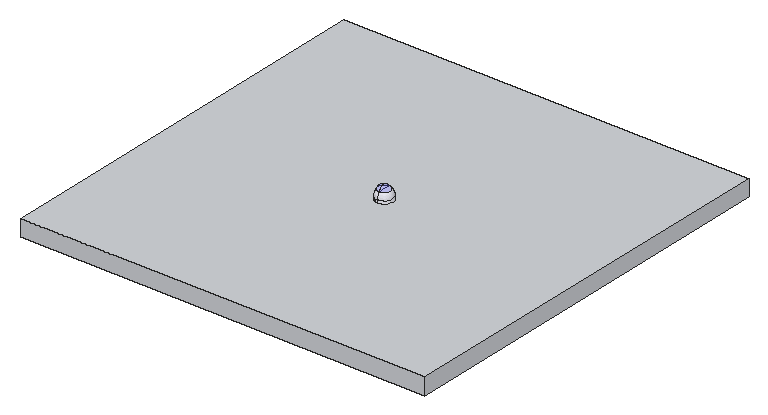
Revit family "BEG-92144", category Dispositifs d'éclairage, Revit 2015
Parameters
  Detection zone [instance] = yes
  Seat area [instance] = height position < 351 cm  # yes
  URL = "http://www.luxomat.com/en-92144"
  Type of output = "SWITCH"
  Ambiant temperature = "-25°C to +50°C"
  Ref = "92144"
  Relay = "10A"
  height position [instance] = 250 cm
  direct Range [instance] = height position * 3.2  # 800 cm
  transversal Range [instance] = height position * 9.6  # 2400 cm
  Modèle = "PD4N-1C-SM"
  Installation type = "Ceiling"
  Brand = "LUXOMAT"
  Image du type = 92144.jpg
  IP = "44"
  Mounting height max = Installation height max  # 350 cm
  Installation height max = 350 cm
  Fabricant = "B.E.G"
  Label [instance] = yes
  Default Elevation = 0 cm
  Consumption = "0,56W"
  Commentaires du type = "Occupancy detector PD4N-1C-SM"
  Code d'assemblage = "D5010200"
  Class = "2"
  Switching power LED = "300W"
  Switching power Cos ɸ =1 = "2300W"
  Switching power Cos ɸ =0.5 = "1150VA\r\n1150VA\r\n1150VA"
  Power voltage = "110-240 V AC"
  seated activity [instance] = height position * 2.56  # 640 cm
Reference planes (cm)
  plane 1 "Centre (avant/arrière)": y = 0
  plane 2: z = 0
  plane 3 "Centre (gauche/droite)": x = 0
Forms (cm)
  Extrusion 1, solid
    sketch origin (0, 0, 0) x (1, 0, 0) y (0, 1, 0)
      loop
        line (-121.92, 121.92) -> (-121.92, -121.92) -> (121.92, -121.92) -> (121.92, 121.92) -> (-121.92, 121.92)
    from 0 to -10
Dimensions and locks (cm)
  aligned and locked: plane 2 to Extrusion 1
  aligned and locked: level to Extrusion 1
  aligned and locked: nested 2 to plane 2
Nested families (cm)
  nested 1: "Famille1" at (0, -72.6659, 0) x (-1, 0, 0) z (0, 0, 1), reference <- "Ref", modele <- "Modèle", visible <- "Label", type "Famille1"
    with reference "92144", modele "PD4N-1C-SM"
  nested 2: "M14" at (0, 0, 0), type "Standard"
  nested 3: "zone H" at (0, 0, 0) x (-1, 0, 0) z (0, 0, 1), visible <- "Detection zone", biais <- "transversal Range", frontal <- "direct Range", activité assise <- "seated activity", Zone assise <- "Seat area", type "zone H"
    with position 2 320 cm, position 1 960 cm, frontal 800 cm, biais 2400 cm, activité assise 640 cm, Zone assise yes
  nested 4: "Plafond 360° 2D" at (0, 0, 0), type "Plafond 360° 2D"
Connectors (cm)
  electrical at (0, 0, 0)
    settings: on nested 2, index 1, voltage 240 V, apparent load 0 VA, apparent load phase1 0 VA, apparent load phase2 0 VA, apparent load phase3 0 VA, power factor 1, load classification "Eclairage", number of poles 1, system type 31, power factor state 1, is connector primary yes, connector utility no, sub classification motor no, connector description ""
Definition of nested family "M14"
  Reference planes (cm)
    plane 1 "Centre (avant/arrière)": y = 0
    plane 2: z = 0
    plane 3 "Centre (gauche/droite)": x = 0
    plane 4: x = 0
  Forms (cm)
    Revolve 1, solid
      sketch origin (0, 0, 0) x (0, -1, 0) y (0, 0, 1)
        loop
          line (0, 0) -> (0, 5) -> (-3.8, 5)
          arc (-3.8, 5) -> (-4.577, 3.2225) -> (-4.8363, 1.3) r 7
          line (-4.8363, 1.3) -> (-4.9363, 1.3) -> (-5.05, 0) -> (0, 0)
        axis (0, 0) -> (0, 5)
      angle from 0 to 360
    Revolve 2, solid
      sketch origin (0, 0, 0) x (0, -1, 0) y (0, 0, 1)
        loop
          arc (0, 7.6) -> (-2.2816, 6.8864) -> (-3.75, 5) r 4.0043
          line (-3.75, 5) -> (0, 5) -> (0, 7.6)
        axis (0, 5) -> (0, 7.6)
      angle from 0 to 360
  Lines and regions (cm)
    reference lines
      curve 1: line (0, 0, 0) -> (0, 0, 7.6)
      curve 2: line (0, 0, 5) -> (0, 3.8, 5)
      curve 3: arc (0, 3.8, 5) -> (0, 4.577, 3.2225) -> (0, 4.8363, 1.3) r 7
      curve 4: line (0, 4.9363, 1.3) -> (0, 4.8363, 1.3)
      curve 5: line (0, 5.05, 0) -> (0, 4.9363, 1.3)
      curve 6: line (0, 0, 0) -> (0, 5.05, 0)
      curve 7: arc (0, 0, 7.6) -> (0, 2.2816, 6.8864) -> (0, 3.75, 5) r 4.0043
      curve 8: line (0, 3.75, 5) -> (0, 0, 5)
      curve 9: line (0, 0, 7.6) -> (0, 0, 5)
      curve 10: line (0, 0, 0) -> (0, 0, 7.6)
  Dimensions and locks (cm)
    aligned and locked: level to plane 2
    aligned and locked: Revolve 1 sketch curve to curve 1  (x2)
    aligned and locked: Revolve 1 sketch curve to curve 2
    aligned and locked: Revolve 1 sketch curve to curve 3
    aligned and locked: Revolve 1 sketch curve to curve 4
    aligned and locked: Revolve 1 sketch curve to curve 5
    aligned and locked: Revolve 1 sketch curve to curve 6
    aligned and locked: Revolve 2 sketch curve to curve 7
    aligned and locked: Revolve 2 sketch curve to curve 8
    aligned and locked: Revolve 2 sketch curve to curve 9
    aligned and locked: Revolve 2 sketch curve to curve 10
Definition of nested family "Famille1"
  Parameters (values of type "Famille1")
    reference [instance] = ""
    modele [instance] = ""
  Reference planes (cm)
    plane 1: y = 0
    plane 2: x = 0
  Text (cm)
    label "reference\n\nmodele" at (0.0074, 0.0451, 0), shows "reference", "modele"
Definition of nested family "zone H"
  Parameters (values of type "zone H")
    position 2 [instance] = (frontal / 2) * 0.8  # 320 cm
    position 1 [instance] = (biais / 2) * 0.8  # 960 cm
    frontal [instance] = 800 cm
    biais [instance] = 2400 cm
    activité assise [instance] = 640 cm
    Zone assise [instance] = yes
  Reference planes (cm)
    plane 1 "Centre (avant/arrière)": y = 0
    plane 2: z = 0
    plane 3 "Centre (gauche/droite)": x = 0
    plane 4: x = -960
    plane 5: y = -320
  Lines and regions (cm)
    detail lines, in view "Niveau de réf.", visible <- "Zone assise"
      curve 1: circle (0, 0, 0) r 320 normal (0, 0, 1)
      curve 4: spline (-105.2767, 3.2118, 0) -> (-104.9106, 3.0586, 0) -> (-103.8375, 2.9158, 0) -> (-102.1303, 2.7932, 0) -> (-99.9055, 2.6991, 0) -> (-97.3146, 2.6399, 0) -> (-94.5343, 2.6198, 0) -> (-91.7539, 2.6399, 0) -> (-89.163, 2.6991, 0) -> (-86.9382, 2.7932, 0) -> (-85.231, 2.9158, 0) -> (-84.1579, 3.0586, 0) -> (-83.7918, 3.2118, 0) -> (-84.1579, 3.365, 0) -> (-85.231, 3.5078, 0) -> (-86.9382, 3.6305, 0) -> (-89.163, 3.7245, 0) -> (-91.7539, 3.7837, 0) -> (-94.5343, 3.8039, 0) -> (-97.3146, 3.7837, 0) -> (-99.9055, 3.7245, 0) -> (-102.1303, 3.6305, 0) -> (-103.8375, 3.5078, 0) -> (-104.9106, 3.365, 0) -> (-105.2767, 3.2118, 0)
      curve 5: line (-105.2767, 3.2118, 0) -> (-103.7271, 3.5181, 0)
      curve 6: arc (-102.6495, -16.5888, 0) -> (-107.2915, -17.186, 0) -> (-111.6311, -18.9388, 0) r 18.3388
      curve 7: arc (-111.6311, -18.9388, 0) -> (-111.6982, -19.0046, 0) -> (-111.7229, -19.0953, 0) r 0.1799
      curve 8: arc (-102.4571, -17.1805, 0) -> (-106.7473, -17.5804, 0) -> (-110.8538, -18.8852, 0) r 20.1051
      curve 9: arc (-110.8538, -18.8852, 0) -> (-111.0396, -18.979, 0) -> (-111.2122, -19.0953, 0) r 1.6679
      curve 10: circle (-111.4676, -19.8292, 0) r 0.5096 normal (0, 0, 1)
      curve 11: arc (-110.898, -19.8292, 0) -> (-111.4676, -19.2597, 0) -> (-112.0372, -19.8292, 0) r 0.5696
      curve 12: arc (-110.838, -19.8292, 0) -> (-111.4676, -19.1997, 0) -> (-112.0972, -19.8292, 0) r 0.6296
      curve 13: arc (-86.4191, -16.5888, 0) -> (-81.7771, -17.186, 0) -> (-77.4374, -18.9388, 0) r 18.3388
      curve 14: arc (-77.4374, -18.9388, 0) -> (-77.3704, -19.0046, 0) -> (-77.3456, -19.0953, 0) r 0.1799
      curve 15: arc (-86.6114, -17.1805, 0) -> (-82.3212, -17.5804, 0) -> (-78.2147, -18.8852, 0) r 20.1051
      curve 16: arc (-78.2147, -18.8852, 0) -> (-78.0289, -18.979, 0) -> (-77.8563, -19.0953, 0) r 1.6679
      curve 17: circle (-77.6009, -19.8292, 0) r 0.5096 normal (0, 0, 1)
      curve 18: arc (-77.0314, -19.8292, 0) -> (-77.6009, -19.2597, 0) -> (-78.1705, -19.8292, 0) r 0.5696
      curve 19: arc (-76.9714, -19.8292, 0) -> (-77.6009, -19.1997, 0) -> (-78.2305, -19.8292, 0) r 0.6296
      curve 20: arc (-95.2593, -16.5888, 0) -> (-98.9871, -17.441, 0) -> (-102.5056, -18.9388, 0) r 21.5424
      curve 21: arc (-102.5056, -18.9388, 0) -> (-102.5726, -19.0046, 0) -> (-102.5974, -19.0953, 0) r 0.1799
      curve 22: arc (-95.2593, -17.1805, 0) -> (-98.5536, -17.8061, 0) -> (-101.7283, -18.8852, 0) r 23.9713
      curve 23: arc (-101.7283, -18.8852, 0) -> (-101.911, -18.9772, 0) -> (-102.081, -19.0909, 0) r 1.6679
      curve 24: arc (-95.0229, -17.1805, 0) -> (-98.2689, -17.8294, 0) -> (-101.4063, -18.8852, 0) r 26.0219
      curve 25: arc (-101.4063, -18.8852, 0) -> (-101.592, -18.979, 0) -> (-101.7647, -19.0953, 0) r 1.6679
      curve 26: circle (-102.181, -19.8292, 0) r 0.5096 normal (0, 0, 1)
      curve 27: arc (-101.6114, -19.8292, 0) -> (-102.181, -19.2597, 0) -> (-102.7506, -19.8292, 0) r 0.5696
      curve 28: arc (-101.5514, -19.8292, 0) -> (-102.181, -19.1997, 0) -> (-102.8106, -19.8292, 0) r 0.6296
      curve 29: arc (-93.8092, -16.5888, 0) -> (-90.0814, -17.441, 0) -> (-86.5629, -18.9388, 0) r 21.5424
      curve 30: arc (-86.5629, -18.9388, 0) -> (-86.4959, -19.0046, 0) -> (-86.4711, -19.0953, 0) r 0.1799
      curve 31: arc (-93.8092, -17.1805, 0) -> (-90.5149, -17.8061, 0) -> (-87.3402, -18.8852, 0) r 23.9713
      curve 32: arc (-87.3402, -18.8852, 0) -> (-87.1544, -18.979, 0) -> (-86.9818, -19.0953, 0) r 1.6679
      curve 33: arc (-94.0457, -17.1805, 0) -> (-90.7996, -17.8294, 0) -> (-87.6622, -18.8852, 0) r 26.0219
      curve 34: arc (-87.6622, -18.8852, 0) -> (-87.4765, -18.979, 0) -> (-87.3039, -19.0953, 0) r 1.6679
      curve 35: circle (-86.8875, -19.8292, 0) r 0.5096 normal (0, 0, 1)
      curve 36: arc (-86.3179, -19.8292, 0) -> (-86.8875, -19.2597, 0) -> (-87.4571, -19.8292, 0) r 0.5696
      curve 37: arc (-86.2579, -19.8292, 0) -> (-86.8875, -19.1997, 0) -> (-87.5171, -19.8292, 0) r 0.6296
      curve 38: arc (-103.0079, 8.8705, 0) -> (-101.8776, 5.8173, 0) -> (-98.8653, 4.5819, 0) r 4.0512
      curve 39: arc (-83.7186, 4.2269, 0) -> (-82.9538, 3.7817, 0) -> (-82.7946, 2.9112, 0) r 1.0582
      curve 40: arc (-82.7946, 2.9112, 0) -> (-84.0889, -6.227, 0) -> (-84.0703, -15.4564, 0) r 64.7189
      curve 41: arc (-84.0703, -15.4564, 0) -> (-83.933, -16.0031, 0) -> (-83.4527, -16.2981, 0) r 0.7467
      curve 42: arc (-83.4527, -16.2981, 0) -> (-80.3714, -16.8717, 0) -> (-77.238, -16.9405, 0) r 19.3577
      curve 43: arc (-77.238, -16.9405, 0) -> (-77.6363, -16.4391, 0) -> (-78.2461, -16.244, 0) r 1.1013
      curve 44: arc (-78.2461, -16.244, 0) -> (-80.4274, -15.8096, 0) -> (-82.5587, -15.1742, 0) r 23.8747
      curve 45: arc (-82.5587, -15.1742, 0) -> (-81.6045, -6.5488, 0) -> (-80.848, 2.0961, 0) r 379.1961
      curve 46: arc (-80.848, 2.0961, 0) -> (-81.0708, 4.8418, 0) -> (-83.0581, 6.7494, 0) r 3.8846
      curve 47: arc (-83.0581, 6.7494, 0) -> (-89.2141, 8.8147, 0) -> (-95.6542, 9.6431, 0) r 33.2193
      curve 48: arc (-95.6542, 9.6431, 0) -> (-94.8516, 17.305, 0) -> (-94.8609, 25.0089, 0) r 72.9952
      curve 49: arc (-95.1116, 28.28, 0) -> (-95.2196, 29.2958, 0) -> (-95.3418, 30.31, 0) r 72.9952
      curve 50: arc (-98.1747, 30.0752, 0) -> (-100.3426, 29.2913, 0) -> (-99.4886, 27.1501, 0) r 1.6042
      curve 51: arc (-95.3418, 30.31, 0) -> (-98.7298, 32.2574, 0) -> (-102.1179, 30.31, 0) r 3.9209
      curve 52: arc (-68.8418, 20.3177, 0) -> (-68.8537, 20.2265, 0) -> (-68.9411, 20.2549, 0) r 0.0597
      curve 53: arc (-70.9776, 20.5408, 0) -> (-70.9496, 20.3832, 0) -> (-71.1082, 20.3621, 0) r 0.1108
      curve 54: spline (-98.8908, 41.6409, 0) -> (-97.9793, 41.5103, 0) -> (-97.1229, 41.0855, 0) -> (-96.38, 40.3954, 0) -> (-95.8012, 39.4871, 0) -> (-95.426, 38.4224, 0) -> (-95.2799, 37.274, 0) -> (-95.3728, 36.12, 0) -> (-95.6985, 35.0392, 0) -> (-96.2348, 34.1051, 0) -> (-96.945, 33.3815, 0) -> (-97.7809, 32.9176, 0) -> (-98.6854, 32.7451, 0) -> (-99.5969, 32.8757, 0) -> (-100.4532, 33.3005, 0) -> (-101.1961, 33.9906, 0) -> (-101.7749, 34.8989, 0) -> (-102.1502, 35.9636, 0) -> (-102.2963, 37.112, 0) -> (-102.2033, 38.266, 0) -> (-101.8776, 39.3468, 0) -> (-101.3414, 40.2809, 0) -> (-100.6311, 41.0045, 0) -> (-99.7953, 41.4684, 0) -> (-98.8908, 41.6409, 0)
      curve 55: line (-74.1608, -20.3388, 0) -> (-33.3759, -20.3388, 0)
      curve 56: line (-33.3759, -20.3388, 0) -> (-33.3759, 18.6681, 0)
      curve 57: line (-33.3759, 18.6681, 0) -> (-74.1608, 18.6681, 0)
      curve 58: line (-74.1608, 18.6681, 0) -> (-74.1608, -20.3388, 0)
      curve 59: line (-74.1608, -20.3388, 0) -> (-120.7181, -20.3388, 0)
      curve 60: line (-80.1025, 18.6681, 0) -> (-27.4342, 18.6681, 0)
      curve 61: line (-27.4342, 18.6681, 0) -> (-27.4342, 20.1345, 0)
      curve 62: line (-27.4342, 20.1345, 0) -> (-80.1025, 20.1345, 0)
      curve 63: line (-80.1025, 20.1345, 0) -> (-80.1025, 18.6681, 0)
      curve 64: line (-95.5223, 2.6198, 0) -> (-93.5462, 2.6198, 0)
      curve 65: line (-93.5462, 2.6198, 0) -> (-93.5462, -16.5888, 0)
      curve 66: line (-93.5462, -16.5888, 0) -> (-95.5223, -16.5888, 0)
      curve 67: line (-95.5223, -16.5888, 0) -> (-95.5223, 2.6198, 0)
      curve 68: line (-95.5223, -16.5888, 0) -> (-102.6495, -16.5888, 0)
      curve 69: line (-111.7229, -19.0953, 0) -> (-111.2122, -19.0953, 0)
      curve 70: line (-93.8092, -16.5888, 0) -> (-94.0457, -17.1805, 0)
      curve 71: line (-94.0457, -17.1805, 0) -> (-93.8092, -17.1805, 0)
      curve 72: line (-93.8092, -17.1805, 0) -> (-94.5343, -17.1805, 0)
      curve 73: line (-94.5343, -17.1805, 0) -> (-95.2593, -17.1805, 0)
      curve 74: line (-95.2593, -17.1805, 0) -> (-95.0229, -17.1805, 0)
      curve 75: line (-95.0229, -17.1805, 0) -> (-95.2593, -16.5888, 0)
      curve 76: line (-98.1226, -17.1805, 0) -> (-102.4571, -17.1805, 0)
      curve 77: line (-112.0372, -19.8292, 0) -> (-112.0972, -19.8292, 0)
      curve 78: line (-110.898, -19.8292, 0) -> (-110.838, -19.8292, 0)
      curve 79: line (-111.3676, -19.2076, 0) -> (-111.3676, -19.0953, 0)
      curve 80: line (-111.5676, -19.2076, 0) -> (-111.5676, -19.0953, 0)
      curve 81: line (-93.5462, -16.5888, 0) -> (-86.4191, -16.5888, 0)
      curve 82: line (-77.3456, -19.0953, 0) -> (-77.8563, -19.0953, 0)
      curve 83: line (-90.9459, -17.1805, 0) -> (-86.6114, -17.1805, 0)
      curve 84: line (-77.0314, -19.8292, 0) -> (-76.9714, -19.8292, 0)
      curve 85: line (-78.1705, -19.8292, 0) -> (-78.2305, -19.8292, 0)
      curve 86: line (-77.7009, -19.2076, 0) -> (-77.7009, -19.0953, 0)
      curve 87: line (-77.5009, -19.2076, 0) -> (-77.5009, -19.0953, 0)
      curve 88: line (-102.5974, -19.0953, 0) -> (-101.7647, -19.0953, 0)
      curve 89: line (-102.7506, -19.8292, 0) -> (-102.8106, -19.8292, 0)
      curve 90: line (-101.6114, -19.8292, 0) -> (-101.5514, -19.8292, 0)
      curve 91: line (-102.081, -19.2076, 0) -> (-102.081, -19.0909, 0)
      curve 92: line (-102.281, -19.2076, 0) -> (-102.281, -19.0953, 0)
      curve 93: line (-86.4711, -19.0953, 0) -> (-87.3039, -19.0953, 0)
      curve 94: line (-86.3179, -19.8292, 0) -> (-86.2579, -19.8292, 0)
      curve 95: line (-87.4571, -19.8292, 0) -> (-87.5171, -19.8292, 0)
      curve 96: line (-86.9875, -19.2076, 0) -> (-86.9875, -19.0953, 0)
      curve 97: line (-86.7875, -19.2076, 0) -> (-86.7875, -19.0953, 0)
      curve 98: line (-98.8653, 4.5819, 0) -> (-83.7186, 4.2269, 0)
      curve 99: line (-103.0079, 8.8705, 0) -> (-102.1179, 30.31, 0)
      curve 100: line (-98.1747, 30.0752, 0) -> (-85.3255, 22.5448, 0)
      curve 101: line (-85.3255, 22.5448, 0) -> (-74.2929, 21.667, 0)
      curve 102: line (-74.2929, 21.667, 0) -> (-71.6033, 21.7219, 0)
      curve 103: line (-71.6033, 21.7219, 0) -> (-69.7371, 21.2829, 0)
      curve 104: line (-69.7371, 21.2829, 0) -> (-68.8418, 20.3177, 0)
      curve 105: line (-68.9411, 20.2549, 0) -> (-69.7808, 21.0896, 0)
      curve 106: line (-69.7808, 21.0896, 0) -> (-71.6115, 21.2989, 0)
      curve 107: line (-71.6115, 21.2989, 0) -> (-72.0159, 21.0248, 0)
      curve 108: line (-72.0159, 21.0248, 0) -> (-70.9776, 20.5408, 0)
      curve 109: line (-71.1082, 20.3621, 0) -> (-72.6656, 20.8949, 0)
      curve 110: line (-72.6656, 20.8949, 0) -> (-74.496, 20.6558, 0)
      curve 111: line (-74.496, 20.6558, 0) -> (-86.0144, 20.9158, 0)
      curve 112: line (-86.0144, 20.9158, 0) -> (-99.4886, 27.1501, 0)
      curve 113: line (-99.8644, 32.9741, 0) -> (-99.9944, 32.0479, 0)
      curve 114: line (-97.5142, 33.0301, 0) -> (-97.3718, 32.0147, 0)
      curve 115: line (-33.3759, -20.3388, 0) -> (-21.8014, -20.3388, 0)
    detail lines, in view "Niveau de réf."
      curve 2: circle (0, 0, 0) r 400 normal (0, 0, 1)
      curve 3: circle (0, 0, 0) r 1200 normal (0, 0, 1)
      curve 116: spline (2.3068, -347.7265, 0) -> (4.0856, -347.3949, 0) -> (5.7432, -346.4226, 0) -> (7.1667, -344.876, 0) -> (8.2589, -342.8603, 0) -> (8.9455, -340.5131, 0) -> (9.1797, -337.9942, 0) -> (8.9455, -335.4753, 0) -> (8.2589, -333.1281, 0) -> (7.1667, -331.1125, 0) -> (5.7432, -329.5658, 0) -> (4.0856, -328.5936, 0) -> (2.3068, -328.262, 0) -> (0.5279, -328.5936, 0) -> (-1.1297, -329.5658, 0) -> (-2.5531, -331.1125, 0) -> (-3.6453, -333.1281, 0) -> (-4.3319, -335.4753, 0) -> (-4.5661, -337.9942, 0) -> (-4.3319, -340.5131, 0) -> (-3.6453, -342.8603, 0) -> (-2.5531, -344.876, 0) -> (-1.1297, -346.4226, 0) -> (0.5279, -347.3949, 0) -> (2.3068, -347.7265, 0)
      curve 117: line (-4.7649, -335.0929, 0) -> (0.5136, -347.9212, 0)
      curve 118: line (3.5648, -348.0775, 0) -> (9.2455, -334.5266, 0)
      curve 119: line (-0.3759, -328.4588, 0) -> (-3.0011, -330.8806, 0)
      curve 120: line (3.5053, -348.5045, 0) -> (6.62, -348.3756, 0)
      curve 121: line (1.7304, -348.3525, 0) -> (3.5053, -348.5045, 0)
      curve 122: line (-4.7649, -335.0929, 0) -> (0.5136, -347.9212, 0)
      curve 123: line (-21.1936, -335.3894, 0) -> (-24.4202, -337.3623, 0)
      curve 124: line (-21.1936, -335.3894, 0) -> (-24.4202, -337.3623, 0)
      curve 125: line (-0.3759, -328.4588, 0) -> (-3.0011, -330.8806, 0)
      curve 126: line (1.7304, -348.3525, 0) -> (6.62, -348.3756, 0)
      curve 127: line (3.5648, -348.0775, 0) -> (9.2455, -334.5266, 0)
      curve 128: line (0, -320, 0) -> (0, -289.0788, 0)
      curve 129: line (0, -289.0788, 0) -> (0, -280.7814, 0)
      curve 130: spline (-957.6932, -27.7265, 0) -> (-955.9144, -27.3949, 0) -> (-954.2568, -26.4226, 0) -> (-952.8333, -24.876, 0) -> (-951.7411, -22.8603, 0) -> (-951.0545, -20.5131, 0) -> (-950.8203, -17.9942, 0) -> (-951.0545, -15.4753, 0) -> (-951.7411, -13.1281, 0) -> (-952.8333, -11.1125, 0) -> (-954.2568, -9.5658, 0) -> (-955.9144, -8.5936, 0) -> (-957.6932, -8.262, 0) -> (-959.4721, -8.5936, 0) -> (-961.1297, -9.5658, 0) -> (-962.5531, -11.1125, 0) -> (-963.6453, -13.1281, 0) -> (-964.3319, -15.4753, 0) -> (-964.5661, -17.9942, 0) -> (-964.3319, -20.5131, 0) -> (-963.6453, -22.8603, 0) -> (-962.5531, -24.876, 0) -> (-961.1297, -26.4226, 0) -> (-959.4721, -27.3949, 0) -> (-957.6932, -27.7265, 0)
      curve 131: line (-964.7649, -15.0929, 0) -> (-959.4864, -27.9212, 0)
      curve 132: line (-956.4352, -28.0775, 0) -> (-950.7545, -14.5266, 0)
      curve 133: line (-960.3759, -8.4588, 0) -> (-963.0011, -10.8806, 0)
      curve 134: line (-956.4947, -28.5045, 0) -> (-953.38, -28.3756, 0)
      curve 135: line (-958.2696, -28.3525, 0) -> (-956.4947, -28.5045, 0)
      curve 136: line (-964.7649, -15.0929, 0) -> (-959.4864, -27.9212, 0)
      curve 137: line (-981.1936, -15.3894, 0) -> (-984.4202, -17.3623, 0)
      curve 138: line (-981.1936, -15.3894, 0) -> (-984.4202, -17.3623, 0)
      curve 139: line (-960.3759, -8.4588, 0) -> (-963.0011, -10.8806, 0)
      curve 140: line (-958.2696, -28.3525, 0) -> (-953.38, -28.3756, 0)
      curve 141: line (-956.4352, -28.0775, 0) -> (-950.7545, -14.5266, 0)
      curve 142: line (-960, 0, 0) -> (-960, 30.9212, 0)
      curve 143: line (-960, 30.9212, 0) -> (-960, 39.2186, 0)
    detail lines, in view "Niveau de réf.", visible <- "Zone assise", not visible
      curve 144: spline (925.976, -22.5654, 0) -> (926.342, -22.7186, 0) -> (927.4152, -22.8614, 0) -> (929.1224, -22.984, 0) -> (931.3472, -23.0781, 0) -> (933.938, -23.1373, 0) -> (936.7184, -23.1574, 0) -> (939.4987, -23.1373, 0) -> (942.0896, -23.0781, 0) -> (944.3144, -22.984, 0) -> (946.0216, -22.8614, 0) -> (947.0948, -22.7186, 0) -> (947.4608, -22.5654, 0) -> (947.0948, -22.4122, 0) -> (946.0216, -22.2694, 0) -> (944.3144, -22.1467, 0) -> (942.0896, -22.0527, 0) -> (939.4987, -21.9935, 0) -> (936.7184, -21.9733, 0) -> (933.938, -21.9935, 0) -> (931.3472, -22.0527, 0) -> (929.1224, -22.1467, 0) -> (927.4152, -22.2694, 0) -> (926.342, -22.4122, 0) -> (925.976, -22.5654, 0)
      curve 145: line (925.976, -22.5654, 0) -> (927.5256, -22.2591, 0)
      curve 146: arc (928.6032, -42.366, 0) -> (923.9612, -42.9632, 0) -> (919.6215, -44.716, 0) r 18.3388
      curve 147: arc (919.6215, -44.716, 0) -> (919.5545, -44.7818, 0) -> (919.5297, -44.8725, 0) r 0.1799
      curve 148: arc (928.7956, -42.9577, 0) -> (924.5053, -43.3576, 0) -> (920.3988, -44.6624, 0) r 20.1051
      curve 149: arc (920.3988, -44.6624, 0) -> (920.213, -44.7562, 0) -> (920.0404, -44.8725, 0) r 1.6679
      curve 150: circle (919.7851, -45.6065, 0) r 0.5096 normal (0, 0, 1)
      curve 151: arc (920.3547, -45.6065, 0) -> (919.7851, -45.0369, 0) -> (919.2155, -45.6065, 0) r 0.5696
      curve 152: arc (920.4147, -45.6065, 0) -> (919.7851, -44.9769, 0) -> (919.1555, -45.6065, 0) r 0.6296
      curve 153: arc (944.8336, -42.366, 0) -> (949.4756, -42.9632, 0) -> (953.8152, -44.716, 0) r 18.3388
      curve 154: arc (953.8152, -44.716, 0) -> (953.8823, -44.7818, 0) -> (953.907, -44.8725, 0) r 0.1799
      curve 155: arc (944.6412, -42.9577, 0) -> (948.9315, -43.3576, 0) -> (953.038, -44.6624, 0) r 20.1051
      curve 156: arc (953.038, -44.6624, 0) -> (953.2237, -44.7562, 0) -> (953.3964, -44.8725, 0) r 1.6679
      curve 157: circle (953.6517, -45.6065, 0) r 0.5096 normal (0, 0, 1)
      curve 158: arc (954.2213, -45.6065, 0) -> (953.6517, -45.0369, 0) -> (953.0821, -45.6065, 0) r 0.5696
      curve 159: arc (954.2813, -45.6065, 0) -> (953.6517, -44.9769, 0) -> (953.0221, -45.6065, 0) r 0.6296
      curve 160: arc (935.9933, -42.366, 0) -> (932.2655, -43.2182, 0) -> (928.7471, -44.716, 0) r 21.5424
      curve 161: arc (928.7471, -44.716, 0) -> (928.68, -44.7818, 0) -> (928.6553, -44.8725, 0) r 0.1799
      curve 162: arc (935.9933, -42.9577, 0) -> (932.6991, -43.5833, 0) -> (929.5243, -44.6624, 0) r 23.9713
      curve 163: arc (929.5243, -44.6624, 0) -> (929.3417, -44.7544, 0) -> (929.1716, -44.8681, 0) r 1.6679
      curve 164: arc (936.2298, -42.9577, 0) -> (932.9838, -43.6066, 0) -> (929.8464, -44.6624, 0) r 26.0219
      curve 165: arc (929.8464, -44.6624, 0) -> (929.6606, -44.7562, 0) -> (929.488, -44.8725, 0) r 1.6679
      curve 166: circle (929.0716, -45.6065, 0) r 0.5096 normal (0, 0, 1)
      curve 167: arc (929.6412, -45.6065, 0) -> (929.0716, -45.0369, 0) -> (928.502, -45.6065, 0) r 0.5696
      curve 168: arc (929.7012, -45.6065, 0) -> (929.0716, -44.9769, 0) -> (928.442, -45.6065, 0) r 0.6296
      curve 169: arc (937.4435, -42.366, 0) -> (941.1713, -43.2182, 0) -> (944.6897, -44.716, 0) r 21.5424
      curve 170: arc (944.6897, -44.716, 0) -> (944.7568, -44.7818, 0) -> (944.7815, -44.8725, 0) r 0.1799
      curve 171: arc (937.4435, -42.9577, 0) -> (940.7377, -43.5833, 0) -> (943.9124, -44.6624, 0) r 23.9713
      curve 172: arc (943.9124, -44.6624, 0) -> (944.0982, -44.7562, 0) -> (944.2708, -44.8725, 0) r 1.6679
      curve 173: arc (937.207, -42.9577, 0) -> (940.453, -43.6066, 0) -> (943.5904, -44.6624, 0) r 26.0219
      curve 174: arc (943.5904, -44.6624, 0) -> (943.7762, -44.7562, 0) -> (943.9488, -44.8725, 0) r 1.6679
      curve 175: circle (944.3651, -45.6065, 0) r 0.5096 normal (0, 0, 1)
      curve 176: arc (944.9347, -45.6065, 0) -> (944.3651, -45.0369, 0) -> (943.7956, -45.6065, 0) r 0.5696
      curve 177: arc (944.9947, -45.6065, 0) -> (944.3651, -44.9769, 0) -> (943.7356, -45.6065, 0) r 0.6296
      curve 178: arc (928.2447, -16.9067, 0) -> (929.3751, -19.9599, 0) -> (932.3873, -21.1953, 0) r 4.0512
      curve 179: arc (947.5341, -21.5503, 0) -> (948.2989, -21.9955, 0) -> (948.4581, -22.866, 0) r 1.0582
      curve 180: arc (948.4581, -22.866, 0) -> (947.1637, -32.0042, 0) -> (947.1824, -41.2336, 0) r 64.7189
      curve 181: arc (947.1824, -41.2336, 0) -> (947.3196, -41.7803, 0) -> (947.8, -42.0753, 0) r 0.7467
      curve 182: arc (947.8, -42.0753, 0) -> (950.8812, -42.6489, 0) -> (954.0146, -42.7177, 0) r 19.3577
      curve 183: arc (954.0146, -42.7177, 0) -> (953.6164, -42.2163, 0) -> (953.0065, -42.0212, 0) r 1.1013
      curve 184: arc (953.0065, -42.0212, 0) -> (950.8253, -41.5868, 0) -> (948.6939, -40.9514, 0) r 23.8747
      curve 185: arc (948.6939, -40.9514, 0) -> (949.6481, -32.326, 0) -> (950.4047, -23.6811, 0) r 379.1961
      curve 186: arc (950.4047, -23.6811, 0) -> (950.1819, -20.9354, 0) -> (948.1945, -19.0278, 0) r 3.8846
      curve 187: arc (948.1945, -19.0278, 0) -> (942.0386, -16.9625, 0) -> (935.5985, -16.1341, 0) r 33.2193
      curve 188: arc (935.5985, -16.1341, 0) -> (936.4011, -8.4722, 0) -> (936.3918, -0.7683, 0) r 72.9952
      curve 189: arc (936.1411, 2.5028, 0) -> (936.0331, 3.5186, 0) -> (935.9108, 4.5328, 0) r 72.9952
      curve 190: arc (933.0779, 4.298, 0) -> (930.9101, 3.5141, 0) -> (931.7641, 1.3729, 0) r 1.6042
      curve 191: arc (935.9108, 4.5328, 0) -> (932.5228, 6.4802, 0) -> (929.1348, 4.5328, 0) r 3.9209
      curve 192: arc (962.4108, -5.4595, 0) -> (962.3989, -5.5507, 0) -> (962.3115, -5.5223, 0) r 0.0597
      curve 193: arc (960.275, -5.2364, 0) -> (960.303, -5.394, 0) -> (960.1444, -5.4151, 0) r 0.1108
      curve 194: spline (932.3619, 15.8637, 0) -> (933.2734, 15.7331, 0) -> (934.1297, 15.3083, 0) -> (934.8726, 14.6182, 0) -> (935.4514, 13.7099, 0) -> (935.8267, 12.6452, 0) -> (935.9728, 11.4968, 0) -> (935.8798, 10.3428, 0) -> (935.5541, 9.262, 0) -> (935.0179, 8.3279, 0) -> (934.3076, 7.6043, 0) -> (933.4718, 7.1404, 0) -> (932.5673, 6.9679, 0) -> (931.6558, 7.0985, 0) -> (930.7994, 7.5233, 0) -> (930.0565, 8.2134, 0) -> (929.4777, 9.1217, 0) -> (929.1025, 10.1864, 0) -> (928.9564, 11.3348, 0) -> (929.0493, 12.4888, 0) -> (929.375, 13.5696, 0) -> (929.9113, 14.5037, 0) -> (930.6215, 15.2273, 0) -> (931.4574, 15.6912, 0) -> (932.3619, 15.8637, 0)
      curve 195: line (957.0918, -46.116, 0) -> (997.8768, -46.116, 0)
      curve 196: line (997.8768, -46.116, 0) -> (997.8768, -7.1091, 0)
      curve 197: line (997.8768, -7.1091, 0) -> (957.0918, -7.1091, 0)
      curve 198: line (957.0918, -7.1091, 0) -> (957.0918, -46.116, 0)
      curve 199: line (957.0918, -46.116, 0) -> (910.5345, -46.116, 0)
      curve 200: line (951.1501, -7.1091, 0) -> (1003.8185, -7.1091, 0)
      curve 201: line (1003.8185, -7.1091, 0) -> (1003.8185, -5.6427, 0)
      curve 202: line (1003.8185, -5.6427, 0) -> (951.1501, -5.6427, 0)
      curve 203: line (951.1501, -5.6427, 0) -> (951.1501, -7.1091, 0)
      curve 204: line (935.7304, -23.1574, 0) -> (937.7064, -23.1574, 0)
      curve 205: line (937.7064, -23.1574, 0) -> (937.7064, -42.366, 0)
      curve 206: line (937.7064, -42.366, 0) -> (935.7304, -42.366, 0)
      curve 207: line (935.7304, -42.366, 0) -> (935.7304, -23.1574, 0)
      curve 208: line (935.7304, -42.366, 0) -> (928.6032, -42.366, 0)
      curve 209: line (919.5297, -44.8725, 0) -> (920.0404, -44.8725, 0)
      curve 210: line (937.4435, -42.366, 0) -> (937.207, -42.9577, 0)
      curve 211: line (937.207, -42.9577, 0) -> (937.4435, -42.9577, 0)
      curve 212: line (937.4435, -42.9577, 0) -> (936.7184, -42.9577, 0)
      curve 213: line (936.7184, -42.9577, 0) -> (935.9933, -42.9577, 0)
      curve 214: line (935.9933, -42.9577, 0) -> (936.2298, -42.9577, 0)
      curve 215: line (936.2298, -42.9577, 0) -> (935.9933, -42.366, 0)
      curve 216: line (933.13, -42.9577, 0) -> (928.7956, -42.9577, 0)
      curve 217: line (919.2155, -45.6065, 0) -> (919.1555, -45.6065, 0)
      curve 218: line (920.3547, -45.6065, 0) -> (920.4147, -45.6065, 0)
      curve 219: line (919.8851, -44.9848, 0) -> (919.8851, -44.8725, 0)
      curve 220: line (919.6851, -44.9848, 0) -> (919.6851, -44.8725, 0)
      curve 221: line (937.7064, -42.366, 0) -> (944.8336, -42.366, 0)
      curve 222: line (953.907, -44.8725, 0) -> (953.3964, -44.8725, 0)
      curve 223: line (940.3068, -42.9577, 0) -> (944.6412, -42.9577, 0)
      curve 224: line (954.2213, -45.6065, 0) -> (954.2813, -45.6065, 0)
      curve 225: line (953.0821, -45.6065, 0) -> (953.0221, -45.6065, 0)
      curve 226: line (953.5517, -44.9848, 0) -> (953.5517, -44.8725, 0)
      curve 227: line (953.7517, -44.9848, 0) -> (953.7517, -44.8725, 0)
      curve 228: line (928.6553, -44.8725, 0) -> (929.488, -44.8725, 0)
      curve 229: line (928.502, -45.6065, 0) -> (928.442, -45.6065, 0)
      curve 230: line (929.6412, -45.6065, 0) -> (929.7012, -45.6065, 0)
      curve 231: line (929.1716, -44.9848, 0) -> (929.1716, -44.8681, 0)
      curve 232: line (928.9716, -44.9848, 0) -> (928.9716, -44.8725, 0)
      curve 233: line (944.7815, -44.8725, 0) -> (943.9488, -44.8725, 0)
      curve 234: line (944.9347, -45.6065, 0) -> (944.9947, -45.6065, 0)
      curve 235: line (943.7956, -45.6065, 0) -> (943.7356, -45.6065, 0)
      curve 236: line (944.2651, -44.9848, 0) -> (944.2651, -44.8725, 0)
      curve 237: line (944.4651, -44.9848, 0) -> (944.4651, -44.8725, 0)
      curve 238: line (932.3873, -21.1953, 0) -> (947.5341, -21.5503, 0)
      curve 239: line (928.2447, -16.9067, 0) -> (929.1348, 4.5328, 0)
      curve 240: line (933.0779, 4.298, 0) -> (945.9271, -3.2324, 0)
      curve 241: line (945.9271, -3.2324, 0) -> (956.9598, -4.1102, 0)
      curve 242: line (956.9598, -4.1102, 0) -> (959.6493, -4.0553, 0)
      curve 243: line (959.6493, -4.0553, 0) -> (961.5155, -4.4943, 0)
      curve 244: line (961.5155, -4.4943, 0) -> (962.4108, -5.4595, 0)
      curve 245: line (962.3115, -5.5223, 0) -> (961.4719, -4.6876, 0)
      curve 246: line (961.4719, -4.6876, 0) -> (959.6412, -4.4783, 0)
      curve 247: line (959.6412, -4.4783, 0) -> (959.2367, -4.7524, 0)
      curve 248: line (959.2367, -4.7524, 0) -> (960.275, -5.2364, 0)
      curve 249: line (960.1444, -5.4151, 0) -> (958.5871, -4.8823, 0)
      curve 250: line (958.5871, -4.8823, 0) -> (956.7566, -5.1214, 0)
      curve 251: line (956.7566, -5.1214, 0) -> (945.2383, -4.8614, 0)
      curve 252: line (945.2383, -4.8614, 0) -> (931.7641, 1.3729, 0)
      curve 253: line (931.3882, 7.1969, 0) -> (931.2583, 6.2707, 0)
      curve 254: line (933.7384, 7.2529, 0) -> (933.8809, 6.2375, 0)
      curve 255: line (997.8768, -46.116, 0) -> (1009.4512, -46.116, 0)
    detail lines, in view "Niveau de réf.", not visible
      curve 256: spline (630.3724, -48.277, 0) -> (632.1512, -47.9453, 0) -> (633.8088, -46.9731, 0) -> (635.2323, -45.4264, 0) -> (636.3245, -43.4108, 0) -> (637.0111, -41.0636, 0) -> (637.2453, -38.5447, 0) -> (637.0111, -36.0258, 0) -> (636.3245, -33.6786, 0) -> (635.2323, -31.663, 0) -> (633.8088, -30.1163, 0) -> (632.1512, -29.1441, 0) -> (630.3724, -28.8124, 0) -> (628.5935, -29.1441, 0) -> (626.9359, -30.1163, 0) -> (625.5125, -31.663, 0) -> (624.4202, -33.6786, 0) -> (623.7336, -36.0258, 0) -> (623.4995, -38.5447, 0) -> (623.7336, -41.0636, 0) -> (624.4202, -43.4108, 0) -> (625.5125, -45.4264, 0) -> (626.9359, -46.9731, 0) -> (628.5935, -47.9453, 0) -> (630.3724, -48.277, 0)
      curve 257: line (623.3007, -35.6434, 0) -> (628.5792, -48.4717, 0)
      curve 258: line (631.6303, -48.628, 0) -> (637.311, -35.0771, 0)
      curve 259: line (627.6897, -29.0093, 0) -> (625.0645, -31.4311, 0)
      curve 260: line (631.5709, -49.055, 0) -> (634.6856, -48.9261, 0)
      curve 261: line (629.7959, -48.903, 0) -> (631.5709, -49.055, 0)
      curve 262: line (623.3007, -35.6434, 0) -> (628.5792, -48.4717, 0)
      curve 263: line (606.872, -35.9399, 0) -> (603.6454, -37.9127, 0)
      curve 264: line (606.872, -35.9399, 0) -> (603.6454, -37.9127, 0)
      curve 265: line (627.6897, -29.0093, 0) -> (625.0645, -31.4311, 0)
      curve 266: line (629.7959, -48.903, 0) -> (634.6856, -48.9261, 0)
      curve 267: line (631.6303, -48.628, 0) -> (637.311, -35.0771, 0)
      curve 268: line (628.0656, -20.5505, 0) -> (628.0656, 10.3707, 0)
      curve 269: line (628.0656, 10.3707, 0) -> (628.0656, 18.6681, 0)
      curve 270: spline (1030.3724, -260.777, 0) -> (1032.1512, -260.4453, 0) -> (1033.8088, -259.4731, 0) -> (1035.2323, -257.9264, 0) -> (1036.3245, -255.9108, 0) -> (1037.0111, -253.5636, 0) -> (1037.2453, -251.0447, 0) -> (1037.0111, -248.5258, 0) -> (1036.3245, -246.1786, 0) -> (1035.2323, -244.163, 0) -> (1033.8088, -242.6163, 0) -> (1032.1512, -241.6441, 0) -> (1030.3724, -241.3124, 0) -> (1028.5935, -241.6441, 0) -> (1026.9359, -242.6163, 0) -> (1025.5125, -244.163, 0) -> (1024.4202, -246.1786, 0) -> (1023.7336, -248.5258, 0) -> (1023.4995, -251.0447, 0) -> (1023.7336, -253.5636, 0) -> (1024.4202, -255.9108, 0) -> (1025.5125, -257.9264, 0) -> (1026.9359, -259.4731, 0) -> (1028.5935, -260.4453, 0) -> (1030.3724, -260.777, 0)
      curve 271: line (1023.3007, -248.1434, 0) -> (1028.5792, -260.9717, 0)
      curve 272: line (1031.6303, -261.128, 0) -> (1037.311, -247.5771, 0)
      curve 273: line (1027.6897, -241.5093, 0) -> (1025.0645, -243.9311, 0)
      curve 274: line (1031.5709, -261.555, 0) -> (1034.6856, -261.4261, 0)
      curve 275: line (1029.7959, -261.403, 0) -> (1031.5709, -261.555, 0)
      curve 276: line (1023.3007, -248.1434, 0) -> (1028.5792, -260.9717, 0)
      curve 277: line (1006.872, -248.4399, 0) -> (1003.6454, -250.4127, 0)
      curve 278: line (1006.872, -248.4399, 0) -> (1003.6454, -250.4127, 0)
      curve 279: line (1027.6897, -241.5093, 0) -> (1025.0645, -243.9311, 0)
      curve 280: line (1029.7959, -261.403, 0) -> (1034.6856, -261.4261, 0)
      curve 281: line (1031.6303, -261.128, 0) -> (1037.311, -247.5771, 0)
      curve 282: line (1028.0656, -233.0505, 0) -> (1028.0656, -202.1293, 0)
      curve 283: line (1028.0656, -202.1293, 0) -> (1028.0656, -193.8319, 0)
  Text (cm)
    text "2" at (0.4332, -361.3743, 0), in view "Niveau de réf."
    text "1" at (-959.5668, -41.3743, 0), in view "Niveau de réf."
    text "1" at (628.4988, -61.9248, 0), in view "Niveau de réf.", not visible
    text "2" at (1028.4988, -274.4248, 0), in view "Niveau de réf.", not visible
  Dimensions and locks (cm)
    "position 1": plane 4 to plane 3 "Centre (gauche/droite)"
    "position 2": plane 5 to plane 1 "Centre (avant/arrière)"
    "activité assise": diameter of curve 1
    "biais": diameter of curve 3
    "frontal": diameter of curve 2
    aligned and locked: curve 142 to plane 1 "Centre (avant/arrière)"
    aligned and locked: curve 128 to plane 3 "Centre (gauche/droite)"
    aligned and locked: plane 4 to curve 142
    aligned and locked: plane 5 to curve 128
  Automatic sketch dimensions
    curve 1 to curve 2 = 0 cm  (x2)
    curve 1 to curve 3 = 0 cm  (x2)
    curve 2 to curve 3 = 0 cm  (x2)
    plane 1 "Centre (avant/arrière)" to curve 2 = 0 cm
    curve 2 to plane 3 "Centre (gauche/droite)" = 0 cm
Definition of nested family "Plafond 360° 2D"
  Reference planes (cm)
    plane 1: y = 0
    plane 2: x = 0
  Lines and regions (cm)
    Filled region 1, type "rouge"
      outline origin (0, 0, 0) x (1, 0, 0) y (0, 1, 0)
        loop
          circle (0, 0) r 0.0294
    detail lines
      curve 1: arc (-0.1732, 0.1, 0) -> (-0.2, 0, 0) -> (-0.1732, -0.1, 0) r 0.2
      curve 2: arc (-0.1, -0.1732, 0) -> (0, -0.2, 0) -> (0.1, -0.1732, 0) r 0.2
      curve 3: arc (0.1732, -0.1, 0) -> (0.2, 0, 0) -> (0.1732, 0.1, 0) r 0.2
      curve 4: arc (0.1, 0.1732, 0) -> (0, 0.2, 0) -> (-0.1, 0.1732, 0) r 0.2
      curve 5: arc (-0.1375, 0.0794, 0) -> (-0.1588, 0, 0) -> (-0.1375, -0.0794, 0) r 0.1588
      curve 6: arc (-0.0794, -0.1375, 0) -> (0, -0.1588, 0) -> (0.0794, -0.1375, 0) r 0.1588
      curve 7: arc (0.1375, -0.0794, 0) -> (0.1588, 0, 0) -> (0.1375, 0.0794, 0) r 0.1588
      curve 8: arc (0.0794, 0.1375, 0) -> (0, 0.1588, 0) -> (-0.0794, 0.1375, 0) r 0.1588
      curve 9: arc (-0.1019, 0.0588, 0) -> (-0.1176, 0, 0) -> (-0.1019, -0.0588, 0) r 0.1176
      curve 10: arc (-0.0588, -0.1019, 0) -> (0, -0.1176, 0) -> (0.0588, -0.1019, 0) r 0.1176
      curve 11: arc (0.1019, -0.0588, 0) -> (0.1176, 0, 0) -> (0.1019, 0.0588, 0) r 0.1176
      curve 12: arc (0.0588, 0.1019, 0) -> (0, 0.1176, 0) -> (-0.0588, 0.1019, 0) r 0.1176
      curve 13: arc (-0.0294, 0, 0) -> (0, -0.0294, 0) -> (0.0294, 0, 0) r 0.0294
      curve 14: arc (0.0294, 0, 0) -> (0, 0.0294, 0) -> (-0.0294, 0, 0) r 0.0294
